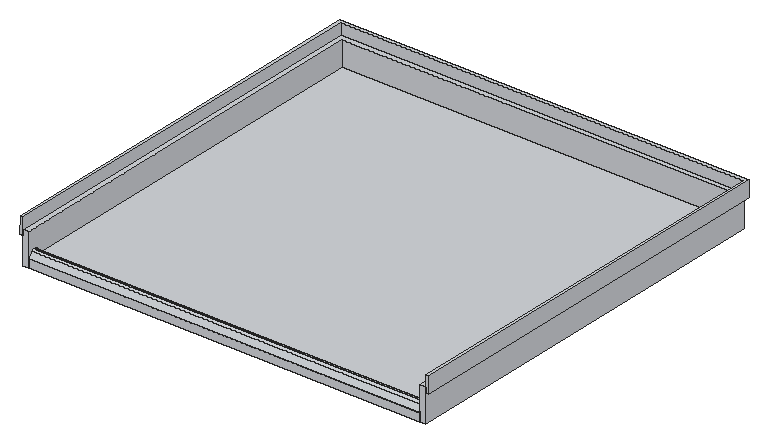
Revit family "Shower_Base-Willoughby AS-S3636ADAF-L", category Plumbing Fixtures, Revit 2015
Parameters (values of type "Left Drain")
  Waste Connection = no
  Vent Connection = no
  URL = "https://www.willoughby-ind.com/wp-content/uploads/2018/01/AS-S3636ADAF.pdf"
  Revision = "A"
  Model = "AS-S3636ADAF-L"
  Manufacturer = "Willoughby Industries"
  Location Drain = 0' - 7 3/4"
  HW Connection = no
  Drain Front Edge = 0' - 3 1/2"
  Description = "36\" X 36\" Shower Base, Front Trench, Left Drain"
  Contact number = "(800) 428-4065"
  CW Connection = no
Reference planes (in)
  plane 1 "Center (Front/Back)": y = 0
  plane 2: z = 0
  plane 3 "Center (Left/Right)": x = 0
Forms (in)
  Extrusion 1, solid
    sketch origin (0, 0, 0) x (1, 0, 0) y (0, 1, 0)
      loop
        line (-18, 0) -> (-18, -18) -> (18, -18) -> (18, 18) -> (-18, 18) -> (-18, 0)
    from 0 to 0.75
  Extrusion 2, solid
    sketch origin (0, 0, 0) x (1, 0, 0) y (0, 1, 0)
      loop
        line (-18, -18) -> (-18, 18) -> (18, 18) -> (18, -18) -> (18.5, -18) -> (18.5, 18.5) -> (-18.5, 18.5) -> (-18.5, -18) -> (-18, -18)
    from 0 to 3
  Extrusion 3, solid
    sketch origin (0, 0, 0) x (1, 0, 0) y (0, 1, 0)
      loop
        line (-18.75, -18) -> (-18.5, -18) -> (-18.5, 18.5) -> (18.5, 18.5) -> (18.5, -18) -> (18.75, -18) -> (18.75, 18.75) -> (-18.75, 18.75) -> (-18.75, -18)
    from 2.5 to 4
  Extrusion 4, solid
    sketch origin (0, 0, 0) x (1, 0, 0) y (0, 1, 0)
      loop
        circle (-11, -14.5) r 1
    from -1.5625 to 0
  Extrusion 5, solid
    sketch origin (0, 0, 0) x (0, 1, 0) y (0, 0, 1)
      loop
        line (-18, 0.75) -> (-16.875, 0.75) -> (-17.18771, 1.27118)
        arc (-17.18771, 1.27118) -> (-17.26968, 1.34416) -> (-17.375, 1.375) r 0.25
        line (-17.375, 1.375) -> (-17.5, 1.375)
        arc (-17.5, 1.375) -> (-17.60532, 1.34416) -> (-17.68729, 1.27118) r 0.25
        line (-17.68729, 1.27118) -> (-18, 0.75)
    from -18 to 18
Dimensions and locks (in)
  "Drain Front Edge": Extrusion 1 to Extrusion 4 sketch curve
  "Location Drain": Extrusion 3 to Extrusion 4 sketch curve
  aligned and locked: level to plane 2
Automatic sketch dimensions
  plane 1 "Center (Front/Back)" to Extrusion 1 sketch curve = 0' - 0"
  Extrusion 1 sketch curve to plane 3 "Center (Left/Right)" = 1' - 6"
  plane 3 "Center (Left/Right)" to Extrusion 1 sketch curve = 1' - 6"
  plane 1 "Center (Front/Back)" to Extrusion 1 sketch curve = 1' - 6"
  Extrusion 1 sketch curve to plane 1 "Center (Front/Back)" = 1' - 6"
  Extrusion 2 sketch curve to plane 3 "Center (Left/Right)" = 1' - 6 1/2"
  Extrusion 2 sketch curve to Extrusion 2 sketch curve = 0' - 0 1/2"  (x3)
  plane 3 "Center (Left/Right)" to Extrusion 2 sketch curve = 1' - 6"
  plane 1 "Center (Front/Back)" to Extrusion 2 sketch curve = 1' - 6"  (x2)
  Extrusion 2 sketch curve to plane 1 "Center (Front/Back)" = 1' - 6"
  Extrusion 3 sketch curve to plane 3 "Center (Left/Right)" = 1' - 6 3/4"
  Extrusion 3 sketch curve to Extrusion 3 sketch curve = 0' - 0 1/4"  (x3)
  plane 3 "Center (Left/Right)" to Extrusion 3 sketch curve = 1' - 6 1/2"
  plane 1 "Center (Front/Back)" to Extrusion 3 sketch curve = 1' - 6"  (x2)
  Extrusion 3 sketch curve to plane 1 "Center (Front/Back)" = 1' - 6 1/2"
  level to Extrusion 5 sketch curve = 0' - 0 3/4"
  plane 1 "Center (Front/Back)" to Extrusion 5 sketch curve = 1' - 6"
  level to Extrusion 5 sketch curve = 0' - 1.27118"  (x2)
  Extrusion 5 sketch curve to Extrusion 5 sketch curve = 0' - 0.31271"  (x2)
  Extrusion 5 sketch curve to Extrusion 5 sketch curve = 0' - 0.18729"  (x2)
  Extrusion 5 sketch curve to Extrusion 5 sketch curve = 0' - 0.20317"
  Extrusion 5 sketch curve to Extrusion 5 sketch curve = 0' - 0.09324"
  Extrusion 5 sketch curve to Extrusion 5 sketch curve = 0' - 0 1/8"
  Extrusion 5 sketch curve to Extrusion 5 sketch curve = 0' - 0.14568"
  radius of Extrusion 4 sketch curve = 0' - 1"
